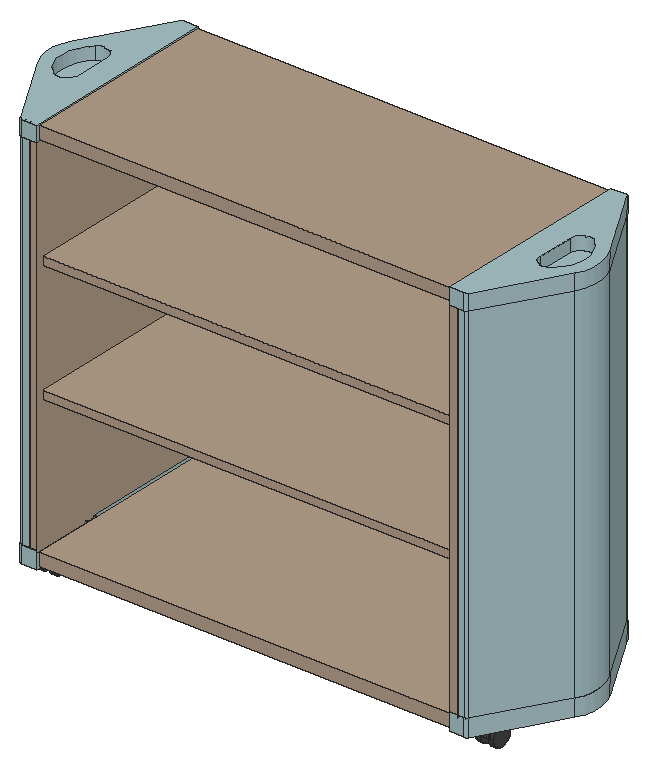
Revit family "revitupgrade", category Furniture, Revit 2025
Family settings
  OmniClass Number = 23.40.70.14.64.11
  OmniClass Title = Office Furniture
  Work Plane-Based = No
  Enable Cutting in Views = No
  Always vertical = Yes
  Cut with Voids When Loaded = No
  Render Appearance Source = Family Geometry
  Shared = Yes
  Room Calculation Point = No
Parameters (values of type "Straight Storage")
  Whiteboard Back Panel [instance] = yes
  URL = "https://www.steelcase.com/asia-en/products/education-desks-tables/flowform/"
  Totes [instance] = Smith System_Metal_Platinum
  Tote [instance] = not(Shelf)  # no
  Style Number(s) = "SMSFS57AL"
  Side Wrap [instance] = SmithSystem_Fabric_Alphabet_Mediterranean
  Shelf [instance] = yes
  Release Date = "June 2023"  # constant formula
  Manufacturer = "Smith System"  # constant formula
  Description = "Just like learning, furniture shouldn’t be forced.  Flowform® is refreshing in that way.  They feature deliberate organic shapes with soft radii and rounded edging."  # constant formula
  Default Elevation = 0.00 mm
  Copyright = "© 2010 Steelcase Inc."  # constant formula
  Case [instance] = Smith System_Lam_Mission Maple
  AutoCAD Tag = ""
  Assembly Code = "E2020200"
Reference planes
  plane 1 "Front": y = -241.271
  plane 2: z = 0
  plane 3 "Left": x = 0
  plane 4 "Right": x = 1340.559
Forms (mm)
  Extrusion 1, solid, material "SmithSystem_Fabric_Alphabet_Mediterranean" <- "Side Wrap"
    sketch origin (0, 0, 0) x (1, 0, 0) y (0, 1, 0)
      loop
        line (167.037, 246.11) -> (131.723, 246.11)
        arc (131.723, 246.11) -> (126.643, 244.749) -> (122.924, 241.03) r 10.16
        line (122.924, 241.03) -> (14.927, 53.975)
        arc (14.927, 53.975) -> (0.465, 0) -> (14.927, -53.975) r 107.95
        line (14.927, -53.975) -> (122.924, -241.03)
        arc (122.924, -241.03) -> (126.643, -244.749) -> (131.723, -246.11) r 10.16
        line (131.723, -246.11) -> (167.037, -246.11) -> (167.037, 246.11)
      loop
        line (1173.522, 246.11) -> (1173.522, -246.11) -> (1208.836, -246.11)
        arc (1208.836, -246.11) -> (1213.916, -244.749) -> (1217.635, -241.03) r 10.16
        line (1217.635, -241.03) -> (1325.631, -53.975)
        arc (1325.631, -53.975) -> (1340.094, 0) -> (1325.631, 53.975) r 107.95
        line (1325.631, 53.975) -> (1217.635, 241.03)
        arc (1217.635, 241.03) -> (1213.916, 244.749) -> (1208.836, 246.11) r 10.16
        line (1208.836, 246.11) -> (1173.522, 246.11)
    from 986.588 to 1024.612
  Extrusion 2, solid, material "SmithSystem_Fabric_Alphabet_Mediterranean" <- "Side Wrap"
    sketch origin (0, 0, 0) x (1, 0, 0) y (0, 1, 0)
      loop
        line (167.037, 246.11) -> (131.723, 246.11)
        arc (131.723, 246.11) -> (126.643, 244.749) -> (122.924, 241.03) r 10.16
        line (122.924, 241.03) -> (14.927, 53.975)
        arc (14.927, 53.975) -> (0.465, 0) -> (14.927, -53.975) r 107.95
        line (14.927, -53.975) -> (122.924, -241.03)
        arc (122.924, -241.03) -> (126.643, -244.749) -> (131.723, -246.11) r 10.16
        line (131.723, -246.11) -> (167.037, -246.11) -> (167.037, 246.11)
      loop
        line (1173.522, 246.11) -> (1173.522, -246.11) -> (1208.836, -246.11)
        arc (1208.836, -246.11) -> (1213.916, -244.749) -> (1217.635, -241.03) r 10.16
        line (1217.635, -241.03) -> (1325.631, -53.975)
        arc (1325.631, -53.975) -> (1340.094, 0) -> (1325.631, 53.975) r 107.95
        line (1325.631, 53.975) -> (1217.635, 241.03)
        arc (1217.635, 241.03) -> (1213.916, 244.749) -> (1208.836, 246.11) r 10.16
        line (1208.836, 246.11) -> (1173.522, 246.11)
    from 54.484 to 96.318
  Extrusion 3, void
    sketch origin (0, 0, 0) x (1, 0, 0) y (0, 1, 0)
      loop
        line (1233.078, 45) -> (1233.078, -44.478)
        arc (1233.078, -44.478) -> (1249.998, -70.153) -> (1280.266, -64.73) r 27.94
        arc (1280.266, -64.73) -> (1308.137, 0.284) -> (1280.161, 65.252) r 89.593
        arc (1280.161, 65.252) -> (1249.952, 70.627) -> (1233.078, 45) r 27.897
      loop
        arc (107.481, 45) -> (90.607, 70.627) -> (60.398, 65.252) r 27.897
        arc (60.398, 65.252) -> (32.421, 0.284) -> (60.293, -64.73) r 89.593
        arc (60.293, -64.73) -> (90.56, -70.153) -> (107.481, -44.478) r 27.94
        line (107.481, -44.478) -> (107.481, 45)
    from 992.875 to 1061.244
  Extrusion 4, solid, material "Smith System_Lam_Mission Maple" <- "Case"
    sketch origin (0, 0, 0) x (0, 1, 0) y (0, 0, 1)
      loop
        line (241.3, 1022.752) -> (-241.271, 1022.752) -> (-241.271, 992.875) -> (241.3, 992.875) -> (241.3, 1022.752)
      loop
        line (241.3, 90.89) -> (-241.271, 90.89) -> (-241.271, 61.013) -> (241.3, 61.013) -> (241.3, 90.89)
    from 128.846 to 1205.724
  Extrusion 5, solid, material "SmithSystem_Fabric_Alphabet_Mediterranean" <- "Side Wrap"
    sketch origin (0, 0, 0) x (1, 0, 0) y (0, 1, 0)
      loop
        line (124.024, 240.395) -> (16.027, 53.34)
        arc (16.027, 53.34) -> (1.735, 0) -> (16.027, -53.34) r 106.68
        line (16.027, -53.34) -> (124.024, -240.395)
        arc (124.024, -240.395) -> (127.278, -243.649) -> (131.723, -244.84) r 8.89
        line (131.723, -244.84) -> (149.785, -244.84) -> (149.785, 244.84) -> (131.723, 244.84)
        arc (131.723, 244.84) -> (127.278, 243.649) -> (124.024, 240.395) r 8.89
      loop
        arc (1216.535, 240.395) -> (1213.281, 243.649) -> (1208.836, 244.84) r 8.89
        line (1208.836, 244.84) -> (1192.785, 244.84) -> (1192.785, -244.84) -> (1208.836, -244.84)
        arc (1208.836, -244.84) -> (1213.281, -243.649) -> (1216.535, -240.395) r 8.89
        line (1216.535, -240.395) -> (1324.531, -53.34)
        arc (1324.531, -53.34) -> (1338.824, 0) -> (1324.531, 53.34) r 106.68
        line (1324.531, 53.34) -> (1216.535, 240.395)
    from 96.318 to 986.588
  Extrusion 6, solid, material "Smith System_Lam_Mission Maple" <- "Case", visible <- "Tote"
    sketch origin (0, 0, 0) x (1, 0, 0) y (0, 1, 0)
      loop
        line (490.145, 228.6) -> (490.145, -241.271) -> (509.337, -241.271) -> (509.337, 228.6) -> (490.145, 228.6)
      loop
        line (851.588, 228.6) -> (831.222, 228.6) -> (831.222, -241.271) -> (851.588, -241.271) -> (851.588, 228.6)
    from 89.82 to 992.875
  Extrusion 7, solid, material "Smith System_Lam_Mission Maple" <- "Case", visible <- "Shelf"
    sketch origin (0, 0, 0) x (0, 1, 0) y (0, 0, 1)
      loop
        line (-228.6, 732.368) -> (-228.6, 712.124) -> (228.6, 712.124) -> (228.6, 732.368) -> (-228.6, 732.368)
      loop
        line (-228.6, 440.268) -> (-228.6, 420.024) -> (228.6, 420.024) -> (228.6, 440.268) -> (-228.6, 440.268)
    from 129.932 to 1212.634
  Extrusion 8, solid, material "Smith System_Lam_Mission Maple" <- "Case"
    sketch origin (0, 0, 0) x (1, 0, 0) y (0, 1, 0)
      loop
        line (149.785, 244.84) -> (149.785, -244.89) -> (167.037, -244.89) -> (167.037, 244.84) -> (149.785, 244.84)
      loop
        line (1192.781, 244.84) -> (1173.522, 244.84) -> (1173.522, -244.89) -> (1192.781, -244.89) -> (1192.781, 244.84)
    from 90.89 to 986.588
  Extrusion 9, solid, material "Whiteboard Finish", visible <- "Whiteboard Back Panel"
    sketch origin (0, 0, 0) x (1, 0, 0) y (0, 1, 0)
      loop
        line (128.846, 241.3) -> (128.846, 228.6) -> (1212.634, 228.6) -> (1212.634, 241.3) -> (128.846, 241.3)
    from 90.603 to 992.875
  Extrusion 10, solid, material "Smith System_Leg_Black"
    sketch origin (0, 0, 0) x (0, 1, 0) y (0, 0, 1)
      loop
        circle (156.59, 25.564) r 25.4
    from 111.666 to 124.392
  Extrusion 11, solid, material "Smith System_Leg_Black"
    sketch origin (267.808, 0, 0) x (0, 1, 0) y (0, 0, -1)
      loop
        circle (156.59, -25.564) r 25.4
    from 111.666 to 124.365
  Extrusion 12, solid, material "Smith System_Leg_Black"
    sketch origin (0, 0, 0) x (0, 1, 0) y (0, 0, 1)
      loop
        arc (181.99, 25.564) -> (156.59, 50.964) -> (131.19, 25.564) r 25.4
        line (131.19, 25.564) -> (181.99, 25.564)
    from 124.392 to 145.766
  Extrusion 13, solid, material "Smith System_Leg_Black"
    sketch origin (0, 0, 0) x (1, 0, 0) y (0, 1, 0)
      loop
        circle (133.964, 171.507) r 6.576
    from 37.932 to 54.484
  Extrusion 14, solid, material "Smith System_Leg_Black"
    sketch origin (1073.82, 0, 0) x (0, 1, 0) y (0, 0, 1)
      loop
        circle (156.59, 25.564) r 25.4
    from 111.666 to 124.392
  Extrusion 15, solid, material "Smith System_Leg_Black"
    sketch origin (1341.628, 0, 0) x (0, 1, 0) y (0, 0, -1)
      loop
        circle (156.59, -25.564) r 25.4
    from 111.666 to 124.365
  Extrusion 16, solid, material "Smith System_Leg_Black"
    sketch origin (1073.82, 0, 0) x (0, 1, 0) y (0, 0, 1)
      loop
        arc (181.99, 25.564) -> (156.59, 50.964) -> (131.19, 25.564) r 25.4
        line (131.19, 25.564) -> (181.99, 25.564)
    from 124.392 to 145.766
  Extrusion 17, solid, material "Smith System_Leg_Black"
    sketch origin (1073.82, 0, 0) x (1, 0, 0) y (0, 1, 0)
      loop
        circle (133.964, 171.507) r 6.576
    from 37.932 to 54.484
  Extrusion 18, solid, material "Smith System_Leg_Black"
    sketch origin (1073.82, 0, 0) x (0, -1, 0) y (0, 0, -1)
      loop
        circle (156.59, -25.564) r 25.4
    from 111.666 to 124.392
  Extrusion 19, solid, material "Smith System_Leg_Black"
    sketch origin (1341.628, 0, 0) x (0, -1, 0) y (0, 0, 1)
      loop
        circle (156.59, 25.564) r 25.4
    from 111.666 to 124.365
  Extrusion 20, solid, material "Smith System_Leg_Black"
    sketch origin (1073.82, 0, 0) x (0, -1, 0) y (0, 0, -1)
      loop
        line (181.99, -25.564) -> (131.19, -25.564)
        arc (131.19, -25.564) -> (156.59, -50.964) -> (181.99, -25.564) r 25.4
    from 124.392 to 145.766
  Extrusion 21, solid, material "Smith System_Leg_Black"
    sketch origin (1073.82, 0, 0) x (1, 0, 0) y (0, 1, 0)
      loop
        circle (133.964, -171.507) r 6.576
    from 37.932 to 54.484
  Extrusion 22, solid, material "Smith System_Leg_Black"
    sketch origin (268.746, 0, 0) x (0, -1, 0) y (0, 0, 1)
      loop
        circle (156.59, 25.564) r 25.4
    from 111.666 to 124.392
  Extrusion 23, solid, material "Smith System_Leg_Black"
    sketch origin (0.939, 0, 0) x (0, -1, 0) y (0, 0, -1)
      loop
        circle (156.59, -25.564) r 25.4
    from 111.666 to 124.365
  Extrusion 24, solid, material "Smith System_Leg_Black"
    sketch origin (268.746, 0, 0) x (0, -1, 0) y (0, 0, 1)
      loop
        arc (181.99, 25.564) -> (156.59, 50.964) -> (131.19, 25.564) r 25.4
        line (131.19, 25.564) -> (181.99, 25.564)
    from 124.392 to 145.766
  Extrusion 25, solid, material "Smith System_Leg_Black"
    sketch origin (268.746, 0, 0) x (-1, 0, 0) y (0, -1, 0)
      loop
        circle (133.964, 171.507) r 6.576
    from 37.932 to 54.484
Cuts and joins
  Extrusion 3 cuts Extrusion 1
Lines and regions (mm)
  Masking region 1
    outline origin (0, 0, 0) x (1, 0, 0) y (0, 1, 0)
      loop
        line (1173.522, 241.3) -> (167.037, 241.3) -> (167.037, 246.11) -> (131.723, 246.11)
        arc (131.723, 246.11) -> (126.643, 244.749) -> (122.924, 241.03) r 10.16
        line (122.924, 241.03) -> (14.927, 53.975)
        arc (14.927, 53.975) -> (0.465, 0) -> (14.927, -53.975) r 107.95
        line (14.927, -53.975) -> (122.924, -241.03)
        arc (122.924, -241.03) -> (126.643, -244.749) -> (131.723, -246.11) r 10.16
        line (131.723, -246.11) -> (167.037, -246.11) -> (167.037, -241.271) -> (1173.522, -241.271) -> (1173.522, -246.11) -> (1208.836, -246.11)
        arc (1208.836, -246.11) -> (1213.916, -244.749) -> (1217.635, -241.03) r 10.16
        line (1217.635, -241.03) -> (1325.631, -53.975)
        arc (1325.631, -53.975) -> (1340.094, 0) -> (1325.631, 53.975) r 107.95
        line (1325.631, 53.975) -> (1217.635, 241.03)
        arc (1217.635, 241.03) -> (1213.916, 244.749) -> (1208.836, 246.11) r 10.16
        line (1208.836, 246.11) -> (1173.522, 246.11) -> (1173.522, 241.3)
  symbolic lines, style "Steelcase Furniture"
    curve 1: line (167.037, 241.3, 0) -> (167.037, -241.271, 0)
    curve 2: line (1173.522, 246.11, 0) -> (1173.522, -246.11, 0)
    curve 3: line (107.481, -44.478, 0) -> (107.481, 45, 0)
    curve 4: arc (60.398, 65.252, 0) -> (32.421, 0.284, 0) -> (60.293, -64.73, 0) r 89.593
    curve 5: arc (107.481, 45, 0) -> (90.607, 70.627, 0) -> (60.398, 65.252, 0) r 27.897
    curve 6: arc (60.293, -64.73, 0) -> (90.56, -70.153, 0) -> (107.481, -44.478, 0) r 27.94
    curve 7: arc (1280.266, -64.73, 0) -> (1308.137, 0.284, 0) -> (1280.161, 65.252, 0) r 89.593
    curve 8: arc (1280.161, 65.252, 0) -> (1249.952, 70.627, 0) -> (1233.078, 45, 0) r 27.897
    curve 9: line (1233.078, 45, 0) -> (1233.078, -44.478, 0)
    curve 10: arc (1233.078, -44.478, 0) -> (1249.998, -70.153, 0) -> (1280.266, -64.73, 0) r 27.94
Dimensions and locks
  aligned and locked: level to plane 2
Nested families
  nested 1: "ToteBasket" at (0, 0, 0), visible <- "Tote", Totes <- "Totes", type "Tote"
    with Totes Smith System_Metal_Platinum
  nested 2: "ToteBasket" at (0, 0, -98.384), visible <- "Tote", Totes <- "Totes", type "Tote"
    with Totes Smith System_Metal_Platinum
  nested 3: "ToteBasket" at (0, 0, -196.162), visible <- "Tote", Totes <- "Totes", type "Tote"
    with Totes Smith System_Metal_Platinum
  nested 4: "ToteBasket" at (0, 0, -279.417), visible <- "Tote", Totes <- "Totes", type "Tote"
    with Totes Smith System_Metal_Platinum
  nested 5: "ToteBasket" at (0, 0, -376.382), visible <- "Tote", Totes <- "Totes", type "Tote"
    with Totes Smith System_Metal_Platinum
  nested 6: "ToteBasket" at (0, 0, -474.973), visible <- "Tote", Totes <- "Totes", type "Tote"
    with Totes Smith System_Metal_Platinum
  nested 7: "ToteBasket" at (0, 0, -571.355), visible <- "Tote", Totes <- "Totes", type "Tote"
    with Totes Smith System_Metal_Platinum
  nested 8: "ToteBasket" at (0, 0, -670.077), visible <- "Tote", Totes <- "Totes", type "Tote"
    with Totes Smith System_Metal_Platinum
  nested 9: "ToteBasket" at (0, 0, -767.628), visible <- "Tote", Totes <- "Totes", type "Tote"
    with Totes Smith System_Metal_Platinum
  nested 10: "ToteBasket" at (341.313, 0, 0), visible <- "Tote", Totes <- "Totes", type "Tote"
    with Totes Smith System_Metal_Platinum
  nested 11: "ToteBasket" at (341.313, 0, -98.384), visible <- "Tote", Totes <- "Totes", type "Tote"
    with Totes Smith System_Metal_Platinum
  nested 12: "ToteBasket" at (341.313, 0, -196.162), visible <- "Tote", Totes <- "Totes", type "Tote"
    with Totes Smith System_Metal_Platinum
  nested 13: "ToteBasket" at (341.313, 0, -279.417), visible <- "Tote", Totes <- "Totes", type "Tote"
    with Totes Smith System_Metal_Platinum
  nested 14: "ToteBasket" at (341.313, 0, -376.382), visible <- "Tote", Totes <- "Totes", type "Tote"
    with Totes Smith System_Metal_Platinum
  nested 15: "ToteBasket" at (341.313, 0, -474.973), visible <- "Tote", Totes <- "Totes", type "Tote"
    with Totes Smith System_Metal_Platinum
  nested 16: "ToteBasket" at (341.313, 0, -571.355), visible <- "Tote", Totes <- "Totes", type "Tote"
    with Totes Smith System_Metal_Platinum
  nested 17: "ToteBasket" at (341.313, 0, -670.077), visible <- "Tote", Totes <- "Totes", type "Tote"
    with Totes Smith System_Metal_Platinum
  nested 18: "ToteBasket" at (341.313, 0, -767.628), visible <- "Tote", Totes <- "Totes", type "Tote"
    with Totes Smith System_Metal_Platinum
  nested 19: "ToteBasket" at (684.213, 0, 0), visible <- "Tote", Totes <- "Totes", type "Tote"
    with Totes Smith System_Metal_Platinum
  nested 20: "ToteBasket" at (684.213, 0, -98.384), visible <- "Tote", Totes <- "Totes", type "Tote"
    with Totes Smith System_Metal_Platinum
  nested 21: "ToteBasket" at (684.213, 0, -196.162), visible <- "Tote", Totes <- "Totes", type "Tote"
    with Totes Smith System_Metal_Platinum
  nested 22: "ToteBasket" at (684.213, 0, -279.417), visible <- "Tote", Totes <- "Totes", type "Tote"
    with Totes Smith System_Metal_Platinum
  nested 23: "ToteBasket" at (684.213, 0, -376.382), visible <- "Tote", Totes <- "Totes", type "Tote"
    with Totes Smith System_Metal_Platinum
  nested 24: "ToteBasket" at (684.213, 0, -474.973), visible <- "Tote", Totes <- "Totes", type "Tote"
    with Totes Smith System_Metal_Platinum
  nested 25: "ToteBasket" at (684.213, 0, -571.355), visible <- "Tote", Totes <- "Totes", type "Tote"
    with Totes Smith System_Metal_Platinum
  nested 26: "ToteBasket" at (684.213, 0, -670.077), visible <- "Tote", Totes <- "Totes", type "Tote"
    with Totes Smith System_Metal_Platinum
  nested 27: "ToteBasket" at (684.213, 0, -767.628), visible <- "Tote", Totes <- "Totes", type "Tote"
    with Totes Smith System_Metal_Platinum
Definition of nested family "ToteBasket"
  Parameters (values of type "Tote")
    URL = "https://smithsystem.com/lines/flowform/"
    Totes [instance] = none
    Style Number(s) = ""  # constant formula
    Release Date = "February 2022"  # constant formula
    Manufacturer = "Smith System"  # constant formula
    Description = "Just like learning, furniture shouldn’t be forced.  Flowform® is refreshing in that way.  They feature deliberate organic shapes with soft radii and rounded edging."  # constant formula
    Default Elevation = 0.00 mm
    Copyright = "© 2010 Steelcase Inc."  # constant formula
    AutoCAD Tag = ""
    Assembly Code = "E2020200"
  Reference planes
    plane 1 "Center Front/Back": y = 0
    plane 2: z = 0
    plane 3 "Center Left/Right": x = 0
  Forms (mm)
    Extrusion 1, solid, material <- "Totes"
      sketch origin (2357.228, -2623.863, 0) x (1, 0, 0) y (0, 1, 0)
        loop
          arc (-2159.964, 2817.153) -> (-2177.924, 2809.713) -> (-2185.364, 2791.753) r 25.4
          line (-2185.364, 2791.753) -> (-2185.364, 2420.662)
          arc (-2185.364, 2420.662) -> (-2177.924, 2402.702) -> (-2159.964, 2395.262) r 25.4
          line (-2159.964, 2395.262) -> (-1897.736, 2395.262)
          arc (-1897.736, 2395.262) -> (-1879.776, 2402.702) -> (-1872.336, 2420.662) r 25.4
          line (-1872.336, 2420.662) -> (-1872.336, 2791.753)
          arc (-1872.336, 2791.753) -> (-1879.776, 2809.713) -> (-1897.736, 2817.153) r 25.4
          line (-1897.736, 2817.153) -> (-2159.964, 2817.153)
        loop
          arc (-2165.549, 2804.741) -> (-2171.568, 2802.248) -> (-2174.06, 2796.23) r 8.511
          line (-2174.06, 2796.23) -> (-2174.06, 2414.86)
          arc (-2174.06, 2414.86) -> (-2171.829, 2409.472) -> (-2166.44, 2407.24) r 7.62
          line (-2166.44, 2407.24) -> (-1891.259, 2407.24)
          arc (-1891.259, 2407.24) -> (-1885.871, 2409.472) -> (-1883.639, 2414.86) r 7.62
          line (-1883.639, 2414.86) -> (-1883.639, 2797.121)
          arc (-1883.639, 2797.121) -> (-1885.871, 2802.509) -> (-1891.259, 2804.741) r 7.62
          line (-1891.259, 2804.741) -> (-2165.549, 2804.741)
      from 939.776 to 954.298
    Blend 2, solid, material <- "Totes"
      base sketch origin (2357.228, -2623.863, 0) x (1, 0, 0) y (0, 1, 0)
        loop
          arc (-2174.06, 2414.86) -> (-2171.829, 2409.472) -> (-2166.44, 2407.24) r 7.62
          line (-2166.44, 2407.24) -> (-1891.259, 2407.24)
          arc (-1891.259, 2407.24) -> (-1885.871, 2409.472) -> (-1883.639, 2414.86) r 7.62
          line (-1883.639, 2414.86) -> (-1883.639, 2797.121)
          arc (-1883.639, 2797.121) -> (-1885.871, 2802.509) -> (-1891.259, 2804.741) r 7.62
          line (-1891.259, 2804.741) -> (-2165.549, 2804.741)
          arc (-2165.549, 2804.741) -> (-2171.568, 2802.248) -> (-2174.06, 2796.23) r 8.511
          line (-2174.06, 2796.23) -> (-2174.06, 2414.86)
      top sketch origin (2357.228, -2623.863, 0) x (1, 0, 0) y (0, 1, 0)
        loop
          arc (-2161.575, 2801.874) -> (-2166.065, 2800.014) -> (-2167.925, 2795.524) r 6.35
          line (-2167.925, 2795.524) -> (-2167.925, 2421.695)
          arc (-2167.925, 2421.695) -> (-2166.065, 2417.205) -> (-2161.575, 2415.345) r 6.35
          line (-2161.575, 2415.345) -> (-1896.149, 2415.345)
          arc (-1896.149, 2415.345) -> (-1891.659, 2417.205) -> (-1889.799, 2421.695) r 6.35
          line (-1889.799, 2421.695) -> (-1889.799, 2795.524)
          arc (-1889.799, 2795.524) -> (-1891.659, 2800.014) -> (-1896.149, 2801.874) r 6.35
          line (-1896.149, 2801.874) -> (-2161.575, 2801.874)
      from 939.776 to 879.537
    Blend 3, void
      base sketch origin (2357.228, -2623.863, 0) x (1, 0, 0) y (0, 1, 0)
        loop
          arc (-2174.06, 2414.86) -> (-2171.829, 2409.472) -> (-2166.44, 2407.24) r 7.62
          line (-2166.44, 2407.24) -> (-1891.259, 2407.24)
          arc (-1891.259, 2407.24) -> (-1885.871, 2409.472) -> (-1883.639, 2414.86) r 7.62
          line (-1883.639, 2414.86) -> (-1883.639, 2797.121)
          arc (-1883.639, 2797.121) -> (-1885.871, 2802.509) -> (-1891.259, 2804.741) r 7.62
          line (-1891.259, 2804.741) -> (-2165.549, 2804.741)
          arc (-2165.549, 2804.741) -> (-2171.568, 2802.248) -> (-2174.06, 2796.23) r 8.511
          line (-2174.06, 2796.23) -> (-2174.06, 2414.86)
      top sketch origin (2357.228, -2623.863, 0) x (1, 0, 0) y (0, 1, 0)
        loop
          line (-2155.01, 2785.691) -> (-2155.01, 2432.64) -> (-1909.039, 2432.64) -> (-1909.039, 2785.691) -> (-2155.01, 2785.691)
      from 1150.628 to 897.141
    Extrusion 4, solid, material <- "Totes"
      sketch origin (2357.228, -2623.863, 0) x (1, 0, 0) y (0, 0, 1)
        loop
          line (-2077.925, 939.776) -> (-2071.351, 915.241) -> (-1982.511, 915.241) -> (-1975.582, 939.776) -> (-2077.925, 939.776)
      from -2396.959 to -2399.901
    Extrusion 5, void
      sketch origin (0, 0, 0) x (1, 0, 0) y (0, 0, 1)
        loop
          line (286.124, 939.776) -> (291.501, 918.853) -> (369.386, 918.853) -> (374.785, 939.776) -> (286.124, 939.776)
      from 223.961 to 495.3
    Extrusion 6, solid, material <- "Totes"
      sketch origin (0, 0, 0) x (1, 0, 0) y (0, 0, 1)
        loop
          line (183.167, 960.961) -> (183.167, 962.086) -> (167.502, 962.086) -> (167.502, 936.121) -> (183.167, 936.121) -> (183.167, 937.453) -> (170.426, 937.453) -> (170.426, 960.961) -> (183.167, 960.961)
        loop
          line (474.48, 960.961) -> (485.783, 960.961) -> (485.783, 937.453) -> (474.48, 937.453) -> (474.48, 936.121) -> (490.145, 936.121) -> (490.145, 962.086) -> (474.48, 962.086) -> (474.48, 960.961)
      from -193.29 to 211.177
    Extrusion 7, solid, material <- "Totes"
      sketch origin (0, 0, 0) x (1, 0, 0) y (0, 0, 1)
        loop
          line (167.502, 936.121) -> (167.502, 867.674) -> (170.426, 867.674) -> (170.426, 936.121) -> (167.502, 936.121)
        loop
          line (490.145, 936.121) -> (487.221, 936.121) -> (487.221, 866.97) -> (490.145, 866.97) -> (490.145, 936.121)
      from 165.945 to 189.642
  Cuts and joins
    Blend 3 cuts Blend 2
    Extrusion 5 cuts Extrusion 4
  Dimensions and locks
    aligned and locked: level to plane 2
